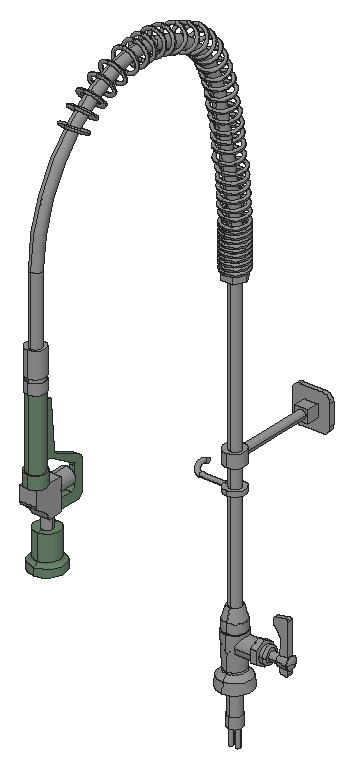
Revit family "Krowne_17-206WL_DeckMount_Pre-Rinse_Faucet", category Plumbing Fixtures, Revit 2018
Family settings
  Round Connector Dimension = Use Diameter
  Part Type = Normal
  OmniClass Number = 23.40.40.00
  OmniClass Title = Food Service Equipment and Furnishings
  Work Plane-Based = No
  Always vertical = Yes
  Cut with Voids When Loaded = No
  Shared = No
  Room Calculation Point = No
Parameters (values of type "17-206WL")
  Width = 5"
  Weight in Pounds = 13
  Watermarked By = ""
  URL Cutsheet = ""
  URL = "https://krowne.com/"
  Status [instance] = ""
  Specification by User [instance] = ""
  Specification by Manufacturer [instance] = ""
  Serial Number [instance] = ""
  Revision Code [instance] = ""
  NAFEM Spec ID Number [instance] = ""
  Model = "17-206WL"
  Masterspec [instance] = ""
  Manufacturer = "Krowne Metal"
  Item Number [instance] = "-"
  Installed By [instance] = ""
  Hot Water Temperature = 100 °F
  Hot Water Size = 1/2"
  Hot Water RI Height [instance] = 0"
  Hot Water Flow = 1.15 GPM
  Hot Water Connection Height = 0"
  Height = 38"
  Furnished By [instance] = ""
  Foodservice Equipment Identifier = yes
  Description = "Single Hole, Single Control Deck Mount Pre-Rinse"
  Depth = 21"
  Cold Water Size = 1/2"
  Cold Water RI Height [instance] = 0"
  Cold Water Flow = 1.15 GPM
  Cold Water Consumption = ""
  Cold Water Connection Height = 0"
  CSI MasterFormat = ""
  Assembly Code = "E1090300"
Reference planes (in)
  plane 1 "BACK": y = 0
  plane 2: z = 0
  plane 3 "CENTER L/R": x = -12.56573
  plane 4: y = -0.9375
  plane 5: y = -15.91411
  plane 6 "CENTER L/S": x = -10.56573
  plane 7 "CENTER L/T": x = -14.56573
  plane 8 "CENTER L/U": x = -8.94073
  plane 9 "CENTER L/V": x = -16.19073
  plane 10: z = 7.9375
  plane 11: z = 18
  plane 12: z = 38
  plane 13: z = 2.25
  plane 14: z = 15.8125
Forms (in)
  Revolve 1, solid, material "QF_Plastic-Hunter Green"
    sketch origin (-12.56573, -2.17911, -1.3414) x (0, -1, 0) y (0, 0, 1)
      loop
        line (13.735, 18.775) -> (14.36, 18.775) -> (14.36, 19.525) -> (14.235, 19.525) -> (14.235, 23.8375) -> (13.735, 23.8375) -> (13.735, 18.775)
      axis (13.735, 18.775) -> (13.735, 23.8375)
    angle from 0 to 360
  Sweep 2, solid, material "QF_Steel-Chrome-Polished"
    path origin (-12.56573, 8.55153, 20.47393) x (1, 0, 0) y (0, -0.694658, -0.71934)
      loop
        line (-0.03125, 13.66) -> (-2.03125, 13.66)
        arc (-2.03125, 13.66) -> (-2.40625, 13.285) -> (-2.03125, 12.91) r 0.375
    profile origin (-13.59698, -0.9375, 10.64775) x (0, 0.694658, 0.71934) y (0, 0.71934, -0.694658)
      loop
        circle (0, 0) r 0.125
  Sweep 3, solid, material "QF_Steel-Chrome-Polished"
    path origin (-12.56573, -29.49911, -1.3414) x (0, 1, 0) y (0, 0, -1)
      loop
        line (14.46, -16.8375) -> (14.46, -16.0875)
    profile origin (-12.56573, -15.03911, 15.1211) x (-1, 0, 0) y (0, -1, 0)
      loop
        circle (0, 0) r 0.3125
  Revolve 4, solid, material "QF_Plastic-Hunter Green"
    sketch origin (-12.56573, -29.49911, -1.3414) x (0, 1, 0) y (0, 0, -1)
      loop
        line (14.46, -16.0875) -> (15.21, -16.0875) -> (15.21, -14.5875)
        arc (15.21, -14.5875) -> (15.28322, -14.41072) -> (15.46, -14.3375) r 0.25
        line (15.46, -14.3375) -> (15.46, -13.9) -> (14.46, -13.9) -> (14.46, -16.0875)
      axis (14.46, -13.9) -> (14.46, -16.0875)
    angle from 0 to 360
  Extrusion 5, solid, material "QF_Plastic-Hunter Green"
    sketch origin (-12.56573, -29.49911, -1.3414) x (0, 1, 0) y (0, 0, -1)
      loop
        arc (15.335, -16.71016) -> (15.02261, -17.01446) -> (15.31861, -17.33473) r 0.3125
        line (15.31861, -17.33473) -> (16.06861, -17.33473)
        arc (16.06861, -17.33473) -> (16.24539, -17.40795) -> (16.31861, -17.58473) r 0.25
        line (16.31861, -17.58473) -> (16.31861, -18.62984)
        arc (16.31861, -18.62984) -> (16.28585, -18.75357) -> (16.19614, -18.84486) r 0.25
        line (16.19614, -18.84486) -> (14.5225, -19.8375) -> (14.2725, -19.8375) -> (14.2725, -23.15)
        arc (14.2725, -23.15) -> (14.44928, -23.07678) -> (14.5225, -22.9) r 0.25
        line (14.5225, -22.9) -> (14.73264, -20.16098)
        arc (14.73264, -20.16098) -> (14.77513, -20.0396) -> (14.87232, -19.9554) r 0.25
        line (14.87232, -19.9554) -> (16.56935, -19.12771)
        arc (16.56935, -19.12771) -> (16.77419, -18.94327) -> (16.85017, -18.67831) r 0.5
        line (16.85017, -18.67831) -> (16.85017, -16.97532) -> (16.585, -16.71016) -> (15.335, -16.71016)
    from -0.17817 to 0.15894
  Revolve 6, solid, material "QF_Steel-Chrome-Polished"
    sketch origin (-12.56573, -29.49911, -1.3414) x (0, 1, 0) y (0, 0, -1)
      loop
        line (14.8975, -18.7125) -> (15.8975, -18.7125) -> (15.8975, -18.4625) -> (16.0225, -18.4625) -> (16.0225, -18.2125) -> (14.8975, -18.2125) -> (14.8975, -18.7125)
      axis (16.0225, -18.2125) -> (14.8975, -18.2125)
    angle from 0 to 360
  Extrusion 7, solid, material "QF_Steel-Chrome-Polished"
    sketch origin (-0.21875, -0.9375, 12.03358) x (0, 1, 0) y (-1, 0, 0)
      loop
        circle (0.00055, 12.34698) r 0.625
      loop
        circle (0.00055, 12.34698) r 0.34
    from 0 to 0.75
  Extrusion 8, solid, material "QF_Steel-Chrome-Polished"
    sketch origin (-0.1875, 5.0625, -4.46642) x (1, 0, 0) y (0, 0, 1)
      loop
        line (-11.75323, 18) -> (-13.00323, 18)
        arc (-13.00323, 18) -> (-13.35678, 17.85355) -> (-13.50323, 17.5) r 0.5
        line (-13.50323, 17.5) -> (-13.50323, 16.25)
        arc (-13.50323, 16.25) -> (-13.35678, 15.89645) -> (-13.00323, 15.75) r 0.5
        line (-13.00323, 15.75) -> (-11.75323, 15.75)
        arc (-11.75323, 15.75) -> (-11.39967, 15.89645) -> (-11.25323, 16.25) r 0.5
        line (-11.25323, 16.25) -> (-11.25323, 17.5)
        arc (-11.25323, 17.5) -> (-11.39967, 17.85355) -> (-11.75323, 18) r 0.5
    from 0 to 0.25
  Extrusion 9, solid, material "QF_Steel-Chrome-Polished"
    sketch origin (-0.1875, 4.8125, -4.46642) x (1, 0, 0) y (0, 0, 1)
      loop
        line (-12.00323, 17.25) -> (-12.75323, 17.25) -> (-12.75323, 16.5) -> (-12.00323, 16.5) -> (-12.00323, 17.25)
    from 0 to 0.75
  Extrusion 10, solid, material "QF_Steel-Chrome-Polished"
    sketch origin (-0.1875, 4.0625, -4.46642) x (1, 0, 0) y (0, 0, 1)
      loop
        circle (-12.37823, 16.875) r 0.25
    from 0 to 4.5
  Extrusion 11, solid, material "QF_Steel-Chrome-Polished"
    sketch origin (-12.59698, -0.93805, 0) x (0, 1, 0) y (0, 0, 1)
      loop
        line (-13.66356, 15.4961) -> (-13.66356, 17.4336) -> (-15.47606, 17.4336) -> (-15.47606, 16.5586)
        arc (-15.47606, 16.5586) -> (-15.44221, 16.43298) -> (-15.34983, 16.34139) r 0.25
        arc (-15.34983, 16.34139) -> (-14.88291, 15.97756) -> (-14.53856, 15.4961) r 2.0625
        line (-14.53856, 15.4961) -> (-13.66356, 15.4961)
    from -0.5 to 0.5
  Revolve 12, solid, material "QF_Steel-Chrome-Polished"
    sketch origin (-12.56573, -2.17911, -1.3414) x (0, -1, 0) y (0, 0, 1)
      loop
        line (13.735, 23.8375) -> (14.2975, 23.8375) -> (14.2975, 24.4625) -> (14.235, 24.4625) -> (14.235, 24.7125) -> (14.2975, 24.7125) -> (14.2975, 26.2125) -> (13.735, 26.2125) -> (13.735, 23.8375)
      axis (13.735, 23.8375) -> (13.735, 26.2125)
    angle from 0 to 360
  Extrusion 13, solid, material "QF_Steel-Chrome-Polished"
    sketch origin (-0.21875, -0.9375, 10.51528) x (0, 1, 0) y (-1, 0, 0)
      loop
        circle (0.00055, 12.34698) r 0.625
      loop
        circle (0.00055, 12.34698) r 0.34
    from 0 to 0.25
  Extrusion 14, solid, material "QF_Steel-Chrome-Polished"
    sketch origin (-0.1875, -3.375, -0.21074) x (1, 0, 0) y (0, 1, 0)
      loop
        circle (-12.59232, 2.4362) r 0.12406
      loop
        circle (-12.1788, 2.448) r 0.12488
    from -1.91426 to -3.03926
  Revolve 15, solid, material "QF_Steel-Chrome-Polished"
    sketch origin (-12.56573, 0.1875, 0) x (0, 1, 0) y (0, 0, 1)
      loop
        line (-1.125, 0) -> (-0.125, 0) -> (-0.18466, 0.60399) -> (-0.49693, 0.91626)
        arc (-0.49693, 0.91626) -> (-0.5271, 0.96505) -> (-0.5323, 1.02217) r 0.125
        arc (-0.5323, 1.02217) -> (-0.42999, 2.02941) -> (-0.40743, 3.04157) r 12.82782
        line (-0.40743, 3.04157) -> (-0.50571, 3.04157) -> (-0.48386, 3.06341) -> (-0.48386, 3.64728) -> (-0.70635, 4.375) -> (-1.125, 4.375) -> (-1.125, 0)
      axis (-1.125, 0) -> (-1.125, 4.375)
    angle from 0 to 360
  Extrusion 16, solid, material "QF_Steel-Chrome-Polished"
    sketch origin (-12.87823, 0.1875, -0.125) x (0, 1, 0) y (0, 0, 1)
      loop
        circle (-1.125, 2.5) r 0.5625
    from 0 to 1.75
  Revolve 17, solid, material "QF_Steel-Chrome-Polished"
    sketch origin (-12.56573, 0.1875, 0) x (0, 1, 0) y (0, 0, 1)
      loop
        line (-1.125, 0) -> (-1.125, -2.125) -> (-0.6875, -2.125) -> (-0.6875, -1.5) -> (-0.75, -1.5) -> (-0.75, 0) -> (-1.125, 0)
      axis (-1.125, 0) -> (-1.125, -2.125)
    angle from 0 to 360
  Extrusion 18, solid, material "QF_Steel-Chrome-Polished"
    sketch origin (-11.12823, -0.03125, 10.75323) x (0, 1, 0) y (0, 0, 1)
      loop
        line (-0.90625, -7.67139) -> (-1.51839, -8.02481) -> (-1.51839, -8.73164) -> (-0.90625, -9.08506) -> (-0.29411, -8.73164) -> (-0.29411, -8.02481) -> (-0.90625, -7.67139)
    from 0 to 0.375
  Revolve 19, solid, material "QF_Steel-Chrome-Polished"
    sketch origin (-15.12823, -0.03125, 2.375) x (0, 1, 0) y (-1, 0, 0)
      loop
        line (-0.90625, -4.375) -> (-0.90625, -4.75) -> (-0.53125, -4.75)
        arc (-0.53125, -4.75) -> (-0.44286, -4.71339) -> (-0.40625, -4.625) r 0.125
        line (-0.40625, -4.625) -> (-0.40625, -4.375) -> (-0.90625, -4.375)
      axis (-0.90625, -4.375) -> (-0.90625, -4.75)
    angle from 0 to 360
  Revolve 20, solid, material "QF_Steel-Chrome-Polished"
    sketch origin (-15.12823, -0.03125, 2.375) x (0, 1, 0) y (-1, 0, 0)
      loop
        line (-0.90625, -4.75) -> (-0.90625, -5.3125) -> (-0.65625, -5.3125) -> (-0.65625, -4.75) -> (-0.90625, -4.75)
      axis (-0.90625, -4.75) -> (-0.90625, -5.3125)
    angle from 0 to 360
  Revolve 21, solid, material "QF_Steel-Chrome-Polished"
    sketch origin (-15.12823, -0.03125, 2.375) x (0, 1, 0) y (-1, 0, 0)
      loop
        line (-0.90625, -5.3125) -> (-0.90625, -5.9375) -> (-0.53125, -5.9375) -> (-0.59375, -5.3125) -> (-0.90625, -5.3125)
      axis (-0.90625, -5.3125) -> (-0.90625, -5.9375)
    angle from 0 to 360
  Revolve 22, solid, material "QF_Steel-Chrome-Polished"
    sketch origin (-15.12823, -0.03125, 2.375) x (0, 1, 0) y (-1, 0, 0)
      loop
        line (-0.90625, -5.9375) -> (-0.90625, -6.0625)
        arc (-0.90625, -6.0625) -> (-0.70704, -6.03513) -> (-0.53125, -5.9375) r 0.54601
        line (-0.53125, -5.9375) -> (-0.90625, -5.9375)
      axis (-0.90625, -5.9375) -> (-0.90625, -6.0625)
    angle from 0 to 360
  Extrusion 23, solid, material "QF_Steel-Chrome-Polished"
    sketch origin (-15.12823, -0.9375, 10.75323) x (0, 0, 1) y (-1, 0, 0)
      loop
        arc (-6.12823, -5.875) -> (-6.03156, -5.82925) -> (-6.00565, -5.72549) r 0.125
        line (-6.00565, -5.72549) -> (-6.13064, -5.10053)
        arc (-6.13064, -5.10053) -> (-6.17396, -5.02837) -> (-6.25321, -5.00004) r 0.125
        line (-6.25321, -5.00004) -> (-6.5031, -5.00004)
        arc (-6.5031, -5.00004) -> (-6.55588, -5.01173) -> (-6.59879, -5.04462) r 0.125
        arc (-6.59879, -5.04462) -> (-7.17151, -5.40979) -> (-7.85017, -5.38199) r 1.13354
        arc (-7.85017, -5.38199) -> (-7.871, -5.37648) -> (-7.89247, -5.37462) r 0.125
        line (-7.89247, -5.37462) -> (-8.92568, -5.37462)
        arc (-8.92568, -5.37462) -> (-9.00493, -5.40295) -> (-9.04825, -5.47511) r 0.125
        line (-9.04825, -5.47511) -> (-9.09832, -5.72549)
        arc (-9.09832, -5.72549) -> (-9.07242, -5.82925) -> (-8.97575, -5.875) r 0.125
        line (-8.97575, -5.875) -> (-6.12823, -5.875)
    from -0.125 to 0.125
  Extrusion 24, solid, material "QF_Steel-Chrome-Polished"
    sketch origin (0, 0, 22) x (0, 1, 0) y (-1, 0, 0)
      loop
        line (-0.9375, 11.84174) -> (-0.31051, 12.20373) -> (-0.31051, 12.92772) -> (-0.9375, 13.28971) -> (-1.56449, 12.92772) -> (-1.56449, 12.20373) -> (-0.9375, 11.84174)
    from 0 to 0.375
  Revolve 25, solid, material "QF_Steel-Chrome-Polished"
    sketch origin (-12.59698, 0, 20) x (0, 1, 0) y (0, 0, 1)
      loop
        line (-0.9375, 2.375) -> (-0.37, 2.375) -> (-0.37, 2.45122) -> (-0.5625, 2.45122) -> (-0.5625, 3.49121) -> (-0.9375, 3.49121) -> (-0.9375, 2.375)
      loop
        line (-0.5625, 4.891) -> (-0.9375, 4.891) -> (-0.9375, 4.29742) -> (-0.5625, 4.29742) -> (-0.5625, 4.891)
      axis (-0.9375, 2.375) -> (-0.9375, 4.891)
    angle from 0 to 360
  Extrusion 26, solid, material "QF_Steel-Chrome-Polished"
    sketch origin (0, 0, 23.76372) x (0, 1, 0) y (-1, 0, 0)
      loop
        line (-0.9375, 12.05825) -> (-0.49801, 12.31199) -> (-0.49801, 12.81946) -> (-0.9375, 13.0732) -> (-1.37699, 12.81946) -> (-1.37699, 12.31199) -> (-0.9375, 12.05825)
    from -0.27251 to 0.54256
  Extrusion 27, solid, material "QF_Steel-Chrome-Polished"
    sketch origin (-12.56573, -0.9375, 0) x (0, -1, 0) y (1, 0, 0)
      loop
        circle (0, 0) r 0.34
    from 3.9375 to 22.66293
  Sweep 28, solid, material "QF_Steel-Chrome-Polished"
    path origin (-12.56573, -0.9375, 0) x (0, -1, 0) y (0, 0, 1)
      loop
        line (14.97661, 24.8711) -> (14.97661, 28.97682)
        arc (14.97661, 28.97682) -> (13.32386, 34.08275) -> (8.99261, 37.25171) r 8.71341
        arc (8.99261, 37.25171) -> (7.63531, 37.49897) -> (6.2621, 37.36589) r 5
        arc (6.2621, 37.36589) -> (5.2285, 37.04462) -> (4.2465, 36.58942) r 8.16291
        arc (4.2465, 36.58942) -> (2.24397, 34.81418) -> (1.21248, 32.34486) r 6
        line (1.21248, 32.34486) -> (0.0873, 25.82095)
        arc (0.0873, 25.82095) -> (0.02186, 25.31293) -> (0, 24.80118) r 6
        line (0, 24.80118) -> (0, 22.66293)
    profile origin (-12.56573, -15.91411, 26.92396) x (0, 1, 0) y (-1, 0, 0)
      loop
        circle (0, 0) r 0.33984
  Sweep 29, solid, material "QF_Steel-Chrome-Polished"
    path origin (-12.56573, -0.9375, 22.53) x (0, -1, 0) y (1, 0, 0)
      loop
        circle (0, 0) r 0.72
    profile origin (-11.84573, -0.9375, 22.53) x (-1, 0, 0) y (0, 0, 1)
      loop
        circle (0, 0) r 0.08178
  Sweep 30, solid, material "QF_Steel-Chrome-Polished"
    path origin (-12.56573, -0.9375, 23.03) x (0, -1, 0) y (1, 0, 0)
      loop
        circle (0, 0) r 0.72
    profile origin (-11.84573, -0.9375, 23.03) x (-1, 0, 0) y (0, 0, 1)
      loop
        circle (0, 0) r 0.08178
  Sweep 31, solid, material "QF_Steel-Chrome-Polished"
    path origin (-12.56573, -0.9375, 23.53) x (0, -1, 0) y (1, 0, 0)
      loop
        circle (0, 0) r 0.72
    profile origin (-11.84573, -0.9375, 23.53) x (-1, 0, 0) y (0, 0, 1)
      loop
        circle (0, 0) r 0.08178
  Sweep 32, solid, material "QF_Steel-Chrome-Polished"
    path origin (-12.56573, -0.9375, 24.03) x (0, -1, 0) y (1, 0, 0)
      loop
        circle (0, 0) r 0.72
    profile origin (-11.84573, -0.9375, 24.03) x (-1, 0, 0) y (0, 0, 1)
      loop
        circle (0, 0) r 0.08178
  Sweep 33, solid, material "QF_Steel-Chrome-Polished"
    path origin (-12.56573, -0.9375, 24.53) x (0, -1, 0) y (1, 0, 0)
      loop
        circle (0, 0) r 0.72
    profile origin (-11.84573, -0.9375, 24.53) x (-1, 0, 0) y (0, 0, 1)
      loop
        circle (0, 0) r 0.08178
  Sweep 34, solid, material "QF_Steel-Chrome-Polished"
    path origin (-12.56573, -0.9375, 25.03) x (0, -0.997564, -0.069756) y (1, 0, 0)
      loop
        circle (0, 0) r 0.72
    profile origin (-11.84573, -0.9375, 25.03) x (-1, 0, 0) y (0, -0.069756, 0.997564)
      loop
        circle (0, 0) r 0.08178
  Sweep 35, solid, material "QF_Steel-Chrome-Polished"
    path origin (-12.56573, -0.9375, 25.53) x (0, -0.99863, -0.052336) y (1, 0, 0)
      loop
        circle (0, 0) r 0.72
    profile origin (-11.84573, -0.9375, 25.53) x (-1, 0, 0) y (0, -0.052336, 0.99863)
      loop
        circle (0, 0) r 0.08178
  Sweep 36, solid, material "QF_Steel-Chrome-Polished"
    path origin (-12.56573, -1.02432, 26.0224) x (0, -0.997564, -0.069756) y (1, 0, 0)
      loop
        circle (0, 0) r 0.72
    profile origin (-11.84573, -1.02432, 26.0224) x (-1, 0, 0) y (0, -0.069756, 0.997564)
      loop
        circle (0, 0) r 0.08178
  Sweep 37, solid, material "QF_Steel-Chrome-Polished"
    path origin (-12.56573, -1.04462, 26.52982) x (0, -0.997564, -0.069756) y (1, 0, 0)
      loop
        circle (0, 0) r 0.72
    profile origin (-11.84573, -1.04462, 26.52982) x (-1, 0, 0) y (0, -0.069756, 0.997564)
      loop
        circle (0, 0) r 0.08178
  Sweep 38, solid, material "QF_Steel-Chrome-Polished"
    path origin (-12.56573, -1.06492, 27.03723) x (0, -0.997564, -0.069756) y (1, 0, 0)
      loop
        circle (0, 0) r 0.72
    profile origin (-11.84573, -1.06492, 27.03723) x (-1, 0, 0) y (0, -0.069756, 0.997564)
      loop
        circle (0, 0) r 0.08178
  Sweep 39, solid, material "QF_Steel-Chrome-Polished"
    path origin (-12.56573, -1.12581, 27.54465) x (0, -0.997564, -0.069756) y (1, 0, 0)
      loop
        circle (0, 0) r 0.72
    profile origin (-11.84573, -1.12581, 27.54465) x (-1, 0, 0) y (0, -0.069756, 0.997564)
      loop
        circle (0, 0) r 0.08178
  Sweep 40, solid, material "QF_Steel-Chrome-Polished"
    path origin (-12.56573, -1.1461, 28.07236) x (0, -0.997564, -0.069756) y (1, 0, 0)
      loop
        circle (0, 0) r 0.72
    profile origin (-11.84573, -1.1461, 28.07236) x (-1, 0, 0) y (0, -0.069756, 0.997564)
      loop
        circle (0, 0) r 0.08178
  Sweep 41, solid, material "QF_Steel-Chrome-Polished"
    path origin (-12.56573, -1.3676, 28.74215) x (0, -0.992546, -0.121869) y (1, 0, 0)
      loop
        circle (0, 0) r 0.72
    profile origin (-11.84573, -1.3676, 28.74215) x (-1, 0, 0) y (0, -0.121869, 0.992546)
      loop
        circle (0, 0) r 0.08178
  Sweep 42, solid, material "QF_Steel-Chrome-Polished"
    path origin (-12.56573, -1.40819, 29.37135) x (0, -0.997564, -0.069756) y (1, 0, 0)
      loop
        circle (0, 0) r 0.72
    profile origin (-11.84573, -1.40819, 29.37135) x (-1, 0, 0) y (0, -0.069756, 0.997564)
      loop
        circle (0, 0) r 0.08178
  Sweep 43, solid, material "QF_Steel-Chrome-Polished"
    path origin (-12.56573, -1.48938, 29.98025) x (0, -0.987688, -0.156434) y (1, 0, 0)
      loop
        circle (0, 0) r 0.72
    profile origin (-11.84573, -1.48938, 29.98025) x (-1, 0, 0) y (0, -0.156434, 0.987688)
      loop
        circle (0, 0) r 0.08178
  Sweep 44, solid, material "QF_Steel-Chrome-Polished"
    path origin (-12.56573, -1.52997, 30.50796) x (0, -0.978148, -0.207912) y (1, 0, 0)
      loop
        circle (0, 0) r 0.72
    profile origin (-11.84573, -1.52997, 30.50796) x (-1, 0, 0) y (0, -0.207912, 0.978148)
      loop
        circle (0, 0) r 0.08178
  Sweep 45, solid, material "QF_Steel-Chrome-Polished"
    path origin (-12.56573, -1.6681, 31.15254) x (0, -0.984808, -0.173648) y (1, 0, 0)
      loop
        circle (0, 0) r 0.72
    profile origin (-11.84573, -1.6681, 31.15254) x (-1, 0, 0) y (0, -0.173648, 0.984808)
      loop
        circle (0, 0) r 0.08178
  Sweep 46, solid, material "QF_Steel-Chrome-Polished"
    path origin (-12.56573, -1.83691, 31.78177) x (0, -0.990268, -0.139173) y (1, 0, 0)
      loop
        circle (0, 0) r 0.72
    profile origin (-11.84573, -1.83691, 31.78177) x (-1, 0, 0) y (0, -0.139173, 0.990268)
      loop
        circle (0, 0) r 0.08178
  Sweep 47, solid, material "QF_Steel-Chrome-Polished"
    path origin (-12.56573, -1.95751, 32.50309) x (0, -0.978148, -0.207912) y (1, 0, 0)
      loop
        circle (0, 0) r 0.72
    profile origin (-11.84573, -1.95751, 32.50309) x (-1, 0, 0) y (0, -0.207912, 0.978148)
      loop
        circle (0, 0) r 0.08178
  Sweep 48, solid, material "QF_Steel-Chrome-Polished"
    path origin (-12.56573, -2.15165, 33.15611) x (0, -0.978148, -0.207912) y (1, 0, 0)
      loop
        circle (0, 0) r 0.72
    profile origin (-11.84573, -2.15165, 33.15611) x (-1, 0, 0) y (0, -0.207912, 0.978148)
      loop
        circle (0, 0) r 0.08178
  Sweep 49, solid, material "QF_Steel-Chrome-Polished"
    path origin (-12.56573, -2.39064, 33.82678) x (0, -0.951057, -0.309017) y (1, 0, 0)
      loop
        circle (0, 0) r 0.72
    profile origin (-11.84573, -2.39064, 33.82678) x (-1, 0, 0) y (0, -0.309017, 0.951057)
      loop
        circle (0, 0) r 0.08178
  Sweep 50, solid, material "QF_Steel-Chrome-Polished"
    path origin (-12.56573, -2.71788, 34.5151) x (0, -0.927184, -0.374607) y (1, 0, 0)
      loop
        circle (0, 0) r 0.72
    profile origin (-11.84573, -2.71788, 34.5151) x (-1, 0, 0) y (0, -0.374607, 0.927184)
      loop
        circle (0, 0) r 0.08178
  Sweep 51, solid, material "QF_Steel-Chrome-Polished"
    path origin (-12.56573, -3.07087, 35.18577) x (0, -0.848048, -0.529919) y (1, 0, 0)
      loop
        circle (0, 0) r 0.72
    profile origin (-11.84573, -3.07087, 35.18577) x (-1, 0, 0) y (0, -0.529919, 0.848048)
      loop
        circle (0, 0) r 0.08178
  Sweep 52, solid, material "QF_Steel-Chrome-Polished"
    path origin (-12.56573, -3.5121, 35.71525) x (0, -0.745676, -0.666309) y (1, 0, 0)
      loop
        circle (0, 0) r 0.72
    profile origin (-11.84573, -3.5121, 35.71525) x (-1, 0, 0) y (0, -0.666309, 0.745676)
      loop
        circle (0, 0) r 0.08178
  Sweep 53, solid, material "QF_Steel-Chrome-Polished"
    path origin (-12.56573, -4.02392, 36.20943) x (0, -0.632262, -0.774755) y (1, 0, 0)
      loop
        circle (0, 0) r 0.72
    profile origin (-11.84573, -4.02392, 36.20943) x (-1, 0, 0) y (0, -0.774755, 0.632262)
      loop
        circle (0, 0) r 0.08178
  Sweep 54, solid, material "QF_Steel-Chrome-Polished"
    path origin (-12.56573, -4.7218, 36.58816) x (0, -0.434326, -0.900756) y (1, 0, 0)
      loop
        circle (0, 0) r 0.72
    profile origin (-11.84573, -4.7218, 36.58816) x (-1, 0, 0) y (0, -0.900756, 0.434326)
      loop
        circle (0, 0) r 0.08178
  Sweep 55, solid, material "QF_Steel-Chrome-Polished"
    path origin (-12.56573, -5.61381, 36.96689) x (0, -0.434326, -0.900756) y (1, 0, 0)
      loop
        circle (0, 0) r 0.72
    profile origin (-11.84573, -5.61381, 36.96689) x (-1, 0, 0) y (0, -0.900756, 0.434326)
      loop
        circle (0, 0) r 0.08178
  Sweep 56, solid, material "QF_Steel-Chrome-Polished"
    path origin (-12.56573, -6.44333, 37.24928) x (0, -0.134719, -0.990884) y (1, 0, 0)
      loop
        circle (0, 0) r 0.72
    profile origin (-11.84573, -6.44333, 37.24928) x (-1, 0, 0) y (0, -0.990884, 0.134719)
      loop
        circle (0, 0) r 0.08178
  Sweep 57, solid, material "QF_Steel-Chrome-Polished"
    path origin (-12.56573, -7.13165, 37.37282) x (0, -0.065271, -0.997868) y (1, 0, 0)
      loop
        circle (0, 0) r 0.72
    profile origin (-11.84573, -7.13165, 37.37282) x (-1, 0, 0) y (0, -0.997868, 0.065271)
      loop
        circle (0, 0) r 0.08178
  Sweep 58, solid, material "QF_Steel-Chrome-Polished"
    path origin (-12.56573, -7.86336, 37.43387) x (0, 0.027071, -0.999634) y (1, 0, 0)
      loop
        circle (0, 0) r 0.72
    profile origin (-11.84573, -7.86336, 37.43387) x (-1, 0, 0) y (0, -0.999634, -0.027071)
      loop
        circle (0, 0) r 0.08178
  Sweep 59, solid, material "QF_Steel-Chrome-Polished"
    path origin (-12.56573, -13.02798, 35.33924) x (0, 0.848048, -0.529919) y (-1, 0, 0)
      loop
        circle (0, 0) r 0.72
    profile origin (-11.84573, -13.02798, 35.33924) x (1, 0, 0) y (0, 0.529919, 0.848048)
      loop
        circle (0, 0) r 0.08178
  Sweep 60, solid, material "QF_Steel-Chrome-Polished"
    path origin (-12.56573, -12.38723, 35.94546) x (0, 0.745676, -0.666309) y (-1, 0, 0)
      loop
        circle (0, 0) r 0.72
    profile origin (-11.84573, -12.38723, 35.94546) x (1, 0, 0) y (0, 0.666309, 0.745676)
      loop
        circle (0, 0) r 0.08178
  Sweep 61, solid, material "QF_Steel-Chrome-Polished"
    path origin (-12.56573, -11.72527, 36.39693) x (0, 0.632262, -0.774755) y (-1, 0, 0)
      loop
        circle (0, 0) r 0.72
    profile origin (-11.84573, -11.72527, 36.39693) x (1, 0, 0) y (0, 0.774755, 0.632262)
      loop
        circle (0, 0) r 0.08178
  Sweep 62, solid, material "QF_Steel-Chrome-Polished"
    path origin (-12.56573, -10.93365, 36.77566) x (0, 0.434326, -0.900756) y (-1, 0, 0)
      loop
        circle (0, 0) r 0.72
    profile origin (-11.84573, -10.93365, 36.77566) x (1, 0, 0) y (0, 0.900756, 0.434326)
      loop
        circle (0, 0) r 0.08178
  Sweep 63, solid, material "QF_Steel-Chrome-Polished"
    path origin (-12.56573, -10.10413, 37.06064) x (0, 0.386588, -0.922252) y (-1, 0, 0)
      loop
        circle (0, 0) r 0.72
    profile origin (-11.84573, -10.10413, 37.06064) x (1, 0, 0) y (0, 0.922252, 0.386588)
      loop
        circle (0, 0) r 0.08178
  Sweep 64, solid, material "QF_Steel-Chrome-Polished"
    path origin (-12.56573, -9.18087, 37.31178) x (0, 0.134719, -0.990884) y (-1, 0, 0)
      loop
        circle (0, 0) r 0.72
    profile origin (-11.84573, -9.18087, 37.31178) x (1, 0, 0) y (0, 0.990884, 0.134719)
      loop
        circle (0, 0) r 0.08178
  Sweep 65, solid, material "QF_Steel-Chrome-Polished"
    path origin (-12.56573, -8.43005, 37.37282) x (0, 0.065271, -0.997868) y (-1, 0, 0)
      loop
        circle (0, 0) r 0.72
    profile origin (-11.84573, -8.43005, 37.37282) x (1, 0, 0) y (0, 0.997868, 0.065271)
      loop
        circle (0, 0) r 0.08178
  Sweep 66, solid, material "QF_Steel-Chrome-Polished"
    path origin (-12.56573, -0.9375, 22.79237) x (0, -1, 0) y (1, 0, 0)
      loop
        circle (0, 0) r 0.72
    profile origin (-11.84573, -0.9375, 22.79237) x (-1, 0, 0) y (0, 0, 1)
      loop
        circle (0, 0) r 0.08178
  Sweep 67, solid, material "QF_Steel-Chrome-Polished"
    path origin (-12.56573, -0.9375, 23.29237) x (0, -1, 0) y (1, 0, 0)
      loop
        circle (0, 0) r 0.72
    profile origin (-11.84573, -0.9375, 23.29237) x (-1, 0, 0) y (0, 0, 1)
      loop
        circle (0, 0) r 0.08178
  Sweep 68, solid, material "QF_Steel-Chrome-Polished"
    path origin (-12.56573, -0.9375, 23.79237) x (0, -1, 0) y (1, 0, 0)
      loop
        circle (0, 0) r 0.72
    profile origin (-11.84573, -0.9375, 23.79237) x (-1, 0, 0) y (0, 0, 1)
      loop
        circle (0, 0) r 0.08178
  Sweep 69, solid, material "QF_Steel-Chrome-Polished"
    path origin (-12.56573, -0.9375, 24.29237) x (0, -1, 0) y (1, 0, 0)
      loop
        circle (0, 0) r 0.72
    profile origin (-11.84573, -0.9375, 24.29237) x (-1, 0, 0) y (0, 0, 1)
      loop
        circle (0, 0) r 0.08178
  Sweep 70, solid, material "QF_Steel-Chrome-Polished"
    path origin (-12.56573, -0.9375, 24.79237) x (0, -1, 0) y (1, 0, 0)
      loop
        circle (0, 0) r 0.72
    profile origin (-11.84573, -0.9375, 24.79237) x (-1, 0, 0) y (0, 0, 1)
      loop
        circle (0, 0) r 0.08178
Lines and regions (in)
  symbolic lines
    curve 1: arc (-12.94073, -0.9375, 0) -> (-12.83089, -0.67233, 0) -> (-12.56573, -0.5625, 0) r 0.375
    curve 2: arc (-12.56573, -0.5625, 0) -> (-12.30056, -0.67233, 0) -> (-12.19073, -0.9375, 0) r 0.375
    curve 3: line (-12.94073, -0.9375, 0) -> (-12.94073, -15.93805, 0)
    curve 4: arc (-12.94073, -15.93805, 0) -> (-12.56573, -16.31305, 0) -> (-12.19073, -15.93805, 0) r 0.375
    curve 6: line (-13.36339, -1.09937, 0) -> (-11.73911, -1.09937, 0)
    curve 7: line (-13.36339, -1.31238, 0) -> (-11.73911, -1.31238, 0)
    curve 8: line (-13.36339, -1.56238, 0) -> (-11.73911, -1.56238, 0)
    curve 9: line (-13.36339, -1.81238, 0) -> (-11.73911, -1.81238, 0)
    curve 10: line (-13.36339, -2.06238, 0) -> (-11.73911, -2.06238, 0)
    curve 11: line (-13.36339, -2.31238, 0) -> (-11.73911, -2.31238, 0)
    curve 12: line (-13.36339, -2.56238, 0) -> (-11.73911, -2.56238, 0)
    curve 13: line (-13.36339, -2.81238, 0) -> (-11.73911, -2.81238, 0)
    curve 14: line (-13.36339, -3.06238, 0) -> (-11.73911, -3.06238, 0)
    curve 15: line (-13.36339, -3.81238, 0) -> (-11.73911, -3.81238, 0)
    curve 16: line (-13.36339, -5.06238, 0) -> (-11.73911, -5.06238, 0)
    curve 17: line (-13.36339, -5.69647, 0) -> (-11.73911, -5.69647, 0)
    curve 18: line (-11.44073, 5.0625, 0) -> (-13.69073, 5.0625, 0)
    curve 19: line (-13.69073, 4.8125, 0) -> (-11.44073, 4.8125, 0)
    curve 20: line (-12.19073, 4.0625, 0) -> (-12.19073, 4.8125, 0)
    curve 21: line (-12.94073, 4.0625, 0) -> (-12.19073, 4.0625, 0)
    curve 22: line (-12.94073, 4.8125, 0) -> (-12.94073, 4.0625, 0)
    curve 23: line (-12.31405, 4.0625, 0) -> (-12.31405, -0.6595, 0)
    curve 24: line (-12.8135, 4.0625, 0) -> (-12.8135, -0.65601, 0)
    curve 25: line (-11.44073, 4.8125, 0) -> (-11.44073, 5.0625, 0)
    curve 26: line (-13.69073, 4.8125, 0) -> (-13.69073, 5.0625, 0)
    curve 27: line (-12.06573, -13.60161, 0) -> (-12.19073, -13.60161, 0)
    curve 28: line (-12.06573, -13.60161, 0) -> (-12.06573, -14.60161, 0)
    curve 29: line (-12.06573, -14.60161, 0) -> (-12.19073, -14.60161, 0)
    curve 30: line (-12.09698, -14.60161, 0) -> (-12.09698, -15.50071, 0)
    curve 31: arc (-12.19073, -15.41411, 0) -> (-12.56573, -16.53911, 0) -> (-12.94073, -15.41411, 0) r 0.625
    curve 32: arc (-12.19073, -15.49484, 0) -> (-12.56573, -16.47661, 0) -> (-12.94073, -15.49484, 0) r 0.5625
    curve 33: line (-13.06573, -13.60161, 0) -> (-12.94073, -13.60161, 0)
    curve 34: line (-13.06573, -13.60161, 0) -> (-13.06573, -14.60161, 0)
    curve 35: line (-13.06573, -14.60161, 0) -> (-12.94073, -14.60161, 0)
    curve 36: line (-13.03448, -14.60161, 0) -> (-13.03448, -15.50071, 0)
    curve 37: arc (-12.06573, -14.17308, 0) -> (-11.56829, -14.96749, 0) -> (-11.94714, -15.82482, 0) r 1
    curve 38: arc (-12.06573, -14.48009, 0) -> (-11.81592, -15.02206, 0) -> (-12.04083, -15.57482, 0) r 0.75
    curve 39: arc (-13.06573, -14.17308, 0) -> (-13.56316, -14.96749, 0) -> (-13.18431, -15.82482, 0) r 1
    curve 40: arc (-13.06573, -14.48009, 0) -> (-13.31553, -15.02206, 0) -> (-13.09062, -15.57482, 0) r 0.75
    curve 41: line (-11.12823, -1.51029, 0) -> (-12.19073, -1.51029, 0)
    curve 42: line (-11.12823, -0.375, 0) -> (-12.31405, -0.375, 0)
    curve 43: line (-11.12823, -1.51029, 0) -> (-11.12823, -0.375, 0)
    curve 44: line (-10.75323, -0.4375, 0) -> (-10.75323, -1.4375, 0)
    curve 45: line (-10.37823, -0.4375, 0) -> (-10.37823, -1.4375, 0)
    curve 46: line (-9.25323, -0.8125, 0) -> (-10.12819, -0.8125, 0)
    curve 47: line (-10.12819, -1.0625, 0) -> (-9.25323, -1.0625, 0)
    curve 48: line (-9.81573, -0.625, 0) -> (-9.81573, -1.25, 0)
    curve 49: line (-9.19073, -0.5625, 0) -> (-9.19073, -1.3125, 0)
    curve 50: line (-9.81573, -0.625, 0) -> (-9.19073, -0.5625, 0)
    curve 51: line (-9.81573, -1.25, 0) -> (-9.19073, -1.3125, 0)
    curve 52: arc (-9.19073, -1.3125, 0) -> (-8.93287, -0.9375, 0) -> (-9.19073, -0.5625, 0) r 0.40161
    curve 53: line (-9.25323, -0.8125, 0) -> (-9.25323, -1.0625, 0)
    curve 54: line (-10.12819, -0.8125, 0) -> (-10.12819, -1.0625, 0)
    curve 55: line (-10.37823, -0.6875, 0) -> (-9.81573, -0.6875, 0)
    curve 56: line (-10.37823, -1.1875, 0) -> (-9.81573, -1.1875, 0)
    curve 57: line (-11.12823, -1.4375, 0) -> (-10.37823, -1.4375, 0)
    curve 58: line (-11.12823, -0.4375, 0) -> (-10.37823, -0.4375, 0)
    curve 59: line (-12.94073, -0.9375, 0) -> (-14.69073, -0.9375, 0)
    curve 60: arc (-14.69073, -0.9375, 0) -> (-14.94073, -0.6875, 0) -> (-14.69073, -0.4375, 0) r 0.25
    curve 61: line (-13.36339, -6.44647, 0) -> (-11.73911, -6.44647, 0)
    curve 62: line (-13.36339, -7.19647, 0) -> (-11.73911, -7.19647, 0)
    curve 63: line (-13.36339, -7.94647, 0) -> (-11.73911, -7.94647, 0)
    curve 64: line (-13.36339, -8.5625, 0) -> (-11.73911, -8.5625, 0)
    curve 65: line (-13.36339, -9.3125, 0) -> (-11.73911, -9.3125, 0)
    curve 66: line (-13.36339, -10.3923, 0) -> (-11.73911, -10.3923, 0)
    curve 67: line (-13.36339, -11.24236, 0) -> (-11.73911, -11.24236, 0)
    curve 68: line (-13.36339, -12.12687, 0) -> (-11.73911, -12.12687, 0)
    curve 69: line (-13.36339, -12.87687, 0) -> (-11.73911, -12.87687, 0)
    curve 70: line (-13.36339, -13.62687, 0) -> (-11.73911, -13.62687, 0)
    curve 71: arc (-12.94073, -1.86452, 0) -> (-13.56348, -0.87054, 0) -> (-12.8135, 0.03132, 0) r 1
    curve 72: arc (-12.31405, 0.03031, 0) -> (-11.98967, -0.12009, 0) -> (-11.73893, -0.375, 0) r 1
    curve 73: arc (-11.74602, -1.51029, 0) -> (-11.94267, -1.71968, 0) -> (-12.19073, -1.86452, 0) r 1
  symbolic lines, style "PlumbingFixtures"
    curve 5: line (-12.19073, -0.9375, 0) -> (-12.19073, -15.93805, 0)
Dimensions and locks (in)
  plane 4 to plane 1 "BACK" = 15/16"
  plane 5 to plane 4 = 14.97661"
  plane 8 "CENTER L/U" to plane 9 "CENTER L/V" = 7 1/4"
  plane 12 to level = 38"  (x3)
  Extrusion 8 to plane 4 = 6"
  plane 4 to plane 5 = 14.97661"
  plane 10 to level = 7 15/16"
  plane 11 to plane 10 = 10 1/16"
  plane 1 "BACK" to Extrusion 11 = 16.41411"
  plane 13 to level = 2 1/4"
  plane 10 to plane 13 = 5 11/16"
  plane 9 "CENTER L/V" to plane 8 "CENTER L/U" = 7 1/4"
  aligned and locked: level to plane 2
  aligned and locked: Revolve 19 sketch curve to Extrusion 18
  aligned and locked: Revolve 21 sketch curve to Revolve 21 sketch curve
Connectors (in)
  piping at (-12.3663, -0.927, -3.25), diameter 0.5, driven by "Cold Water Size", driven by "Cold Water Flow"
    settings: on Extrusion 14, index 1, connector inside diameter 24", connector length 0", flow factor 0, pipe flow 1.15 GPM, pressure drop 0.00 psi, fitting loss kfactor 0, connector angle 0.00°, fixture units 0, engagement length 0", angle of deflection 0.00°, flow configuration 0, flow direction 0, fitting loss method 0, system type 20, joint type 0, gender type 0, connector reference index -1, connector utility 0, adjustable connector no, is connector primary yes, connector description ""
  piping at (-12.77982, -0.9388, -3.25), diameter 0.5, driven by "Hot Water Size", driven by "Cold Water Flow"
    settings: on Extrusion 14, index 2, connector inside diameter 24", connector length 0", flow factor 0, pipe flow 1.15 GPM, pressure drop 0.00 psi, fitting loss kfactor 0, connector angle 0.00°, fixture units 0, engagement length 0", angle of deflection 0.00°, flow configuration 0, flow direction 0, fitting loss method 0, system type 19, joint type 0, gender type 0, connector reference index -1, connector utility 0, adjustable connector no, is connector primary no, connector description ""
